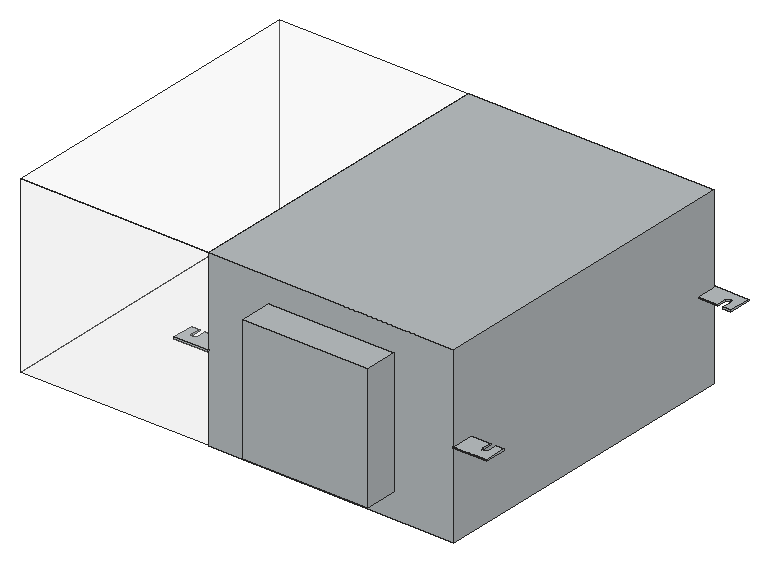
Revit family "2_天吊埋込タイプ 標準(角ダクト) 3相200V-50", category 機械設備, Revit 2019
Family settings
  丸型コネクタ寸法 = 直径を使用
  パーツ タイプ = 割り込み
  OmniClass 番号 = 23.75.35.17.24
  OmniClass タイトル = Axial Fans
  作業面ベース = いいえ
  常に垂直 = はい
  ロード時にボイドで切り取り = いいえ
  共有 = いいえ
  部屋計算ポイント = はい
Parameters (values of type "BFS-300TA1-50")
  騒音レベル(dB(A))_吸込 = 54
  騒音レベル(dB(A))_吐出 = 73
  騒音レベル(dB(A))_側面 = 45
  騒音レベル(dB(A)) = 73
  風量 [instance] = 設計風量  # 0.0 m³/h
  電源種別 [instance] = "一般"
  電圧 = 200 V
  電動機出力 = 1000 W
  電動機_種別 [instance] = ""
  運転質量 = 0.00 kg
  連動 [instance] = ""
  質量 = if(製品質量 > 運転質量, 製品質量, 運転質量) * 1.2  # 46.80 kg
  負荷分類 = 3_ファン類
  説明 = "ストレートシロッコファン天吊埋込タイプ（標準形）"
  設計風量 [instance] = 0.0 m³/h
  設置方法 = "天吊"
  記号 [instance] = ""
  製造元 = "三菱電機株式会社"
  製品質量 = 39.00 kg
  製品出荷対象 = "国内"
  製品リリース年月 = "2005年11月1日"
  製品グループ = ""
  系統 [instance] = ""
  符号 [instance] = if(☑給気／□排気, "FS", "FE")  # "FE"
  積算_科目 = "2 換気設備"
  積算_拾い区分 [instance] = ""
  相 = 3
  盤記号 [instance] = ""
  盤工事区分 = "電気工事"
  発停方法 [instance] = "別売スイッチ"
  番手 = "#2"
  特殊仕様 [instance] = ""
  火災停止 [instance] = ""
  消費電力 = 900 W
  法定耐用年数 = "15"
  機外静圧 [instance] = 0.0 Pa
  極数 = 3
  極 = 4
  材質 [instance] = ""
  本体マテリアル = 溶融亜鉛めっき鋼板
  操作・制御方式 = ""
  操作・制御スイッチ = ""
  排気量 [instance] = if(☑給気／□排気, 0.0 m³/h, 設計風量)  # 0.0 m³/h
  形式 = ""
  形名 = BFS-TA1 : BFS-300TA1
  幹線記号 [instance] = ""
  対象室 [instance] = ""
  実風量 = 0.0 m³/h
  始動方式 [instance] = "直入"
  外気量 [instance] = if(☑給気／□排気, 設計風量, 0.0 m³/h)  # 0.0 m³/h
  呼称 = "消音ボックス付送風機"
  周波数 = 50 Hz
  天吊金具ピッチ幅 = 695 mm
  天吊金具ピッチ奥行 = 722 mm
  参照している仕様書等のバージョン = ""
  分類コード = "50052502100020"
  分類グループ = ""
  価格 = 194000
  企業コード = "108420"
  付属品_防振装置 = ""
  付属品 [instance] = ""
  仕様書バージョン = "Version1.0"
  モデル = "BFS-300TA1-50"
  ファンの種類 = "多翼形"
  ダクト高 = 298 mm
  ダクト幅 = 298 mm
  サービススペース = yes
  コメント [instance] = ""
  Keynote = ""
  ☑給気／□排気 [instance] = no
  Width = 586 mm
  Version = ""
  Uniclass2015Version = "Systems v1.9"
  Uniclass2015Title = "Centrifugal fans"
  Uniclass2015Code = "Pr_65_67_29_12"
  URL = "https://www.mitsubishielectric.co.jp/ldg/wink/ssl/displayProduct.do?pid=138110"
  SpecificationReference = ""
  SpecificationDescription = ""
  Revision = ""
  ProductInformation = ""
  OmniClassCode = "23-33 31 19 13 15"
  MIN風量 = 0.0 m³/h
  MIN静圧 = 0.0 Pa
  MID風量 = 0.0 m³/h
  MID静圧 = 0.0 Pa
  MAX風量 = 3000.0 m³/h
  MAX静圧 = 220.0 Pa
  M = 79 mm
  IfcTypeProduct = ""
  IfcProduct = ""
  IfcExportType = "CENTRIFUGALFORWARDCURVED"
  IfcExportAs = "IfcFanType"
  Height = 413 mm
  Depth = 775 mm
  Clearance Top = 0 mm  # constant formula
  Clearance Right = 0 mm  # constant formula
  Clearance Left = 450 mm  # constant formula
  Clearance Front = 0 mm  # constant formula
  Clearance Bottom = 0 mm  # constant formula
  Clearance Back = 0 mm  # constant formula
  Author = "三菱電機株式会社"
Reference planes
  plane 1 "中心(正面/背面)": y = 0
  plane 2: z = 0
  plane 3 "中心(左/右)": x = 0
  plane 4 "左": x = -293
  plane 5 "右": x = 293
  plane 6 "背面": y = 387.5
  plane 7 "正面": y = -387.5
  plane 8: z = 206.5
  plane 9: y = 361
  plane 10: y = -361
  plane 11: x = 347.5
  plane 12: x = -347.5
  plane 13: z = -206.5
  plane 14: z = 206.5
  plane 15: z = -206.5
  plane 16: y = 387.5
  plane 17: y = -387.5
  plane 18: x = -743
  plane 19: x = 293
Dimensions and locks
  "Width": plane 4 "左" to plane 5 "右"
  equal spacing: plane 7 "正面", plane 1 "中心(正面/背面)", plane 6 "背面"
  "Depth": plane 7 "正面" to plane 6 "背面"
  equal spacing: plane 8, level, plane 13
  "Height": plane 8 to plane 13
  "Clearance Right": plane 5 "右" to plane 19
  "Clearance Left": plane 18 to plane 4 "左"
  "Clearance Back": plane 6 "背面" to plane 16
  "Clearance Front": plane 17 to plane 7 "正面"
  "Clearance Top": plane 14 to plane 8
  "Clearance Bottom": plane 13 to plane 15
  equal spacing: plane 12, plane 3 "中心(左/右)", plane 11
  "天吊金具ピッチ幅": plane 12 to plane 11
  equal spacing: plane 10, plane 1 "中心(正面/背面)", plane 9
  "天吊金具ピッチ奥行": plane 10 to plane 9
  equal spacing: plane 4 "左", plane 3 "中心(左/右)", plane 5 "右"
  aligned and locked: level to plane 2
  aligned and locked: nested 2 to plane 9
  aligned and locked: plane 10 to nested 2
  aligned and locked: plane 12 to nested 2
  aligned and locked: plane 11 to nested 2
  aligned and locked: plane 8 to nested 1
  aligned and locked: plane 18 to nested 3
  aligned and locked: plane 17 to nested 3
  aligned and locked: plane 14 to nested 3
  aligned and locked: plane 15 to nested 3
  aligned and locked: plane 1 "中心(正面/背面)" to nested 1
  aligned and locked: nested 1 to plane 3 "中心(左/右)"
  aligned and locked: plane 16 to nested 3
  aligned and locked: plane 4 "左" to nested 3
Nested families
  nested 1: "BFS-TA1" at (0, 0, -206.5) x (0, -1, 0) z (0, 0, 1), type <- "形名", type "BFS-300TA1"
  nested 2: "固定点" at (-347.5, -361, 0), type "固定点"
    with W 695 mm, D 722 mm
  nested 3: "サービススペース" at (-518, 0, 0), visible <- "サービススペース", type "サービススペース"
    with Width 450 mm, Height 413 mm, Depth 775 mm
Connectors
  hvac at (0, -466.5, 0), driven by "ダクト高", driven by "ダクト幅", driven by "機外静圧", driven by "風量"
    settings: on nested 1, index 4, duct flow 0.0 m³/h, flow factor 0, pres drop 0.0 Pa, loss coef 0, conn angle 0.00°, conn width 298 mm, conn height 298 mm, conn diameter 609.6 mm, duct sys type 29, conn prof type 1, flow config 0, flow direction 2, loss method 4, conn ref index -1, conn util no, is conn primary yes, conn desc "Out"
  hvac at (0, 466.5, 0), driven by "ダクト高", driven by "ダクト幅", driven by "機外静圧", driven by "風量"
    settings: on nested 1, index 5, duct flow 0.0 m³/h, flow factor 0, pres drop 0.0 Pa, loss coef 0, conn angle 0.00°, conn width 298 mm, conn height 298 mm, conn diameter 609.6 mm, duct sys type 29, conn prof type 1, flow config 0, flow direction 1, loss method 4, conn ref index -1, conn util no, is conn primary no, conn desc "In"
  electrical at (-322.5, -259.5, -64), driven by "極数", driven by "負荷分類", driven by "電圧", driven by "消費電力"
    settings: on nested 1, index 6, voltage 200 V, apparent load 900 VA, apparent load phase1 0 VA, apparent load phase2 0 VA, apparent load phase3 0 VA, power factor 1, load classification "3_ファン類", number of poles 3, system type 30, power factor state 1, is connector primary yes, connector utility no, sub classification motor no, connector description ""
Definition of nested family "BFS-TA1"
  Parameters (values of type "BFS-300TA1")
    端子カバー高 = 99 mm
    端子カバー手前位置 = 62.5 mm
    端子カバー幅 = 29.5 mm
    端子カバー奥行 = 131 mm
    端子カバー上位置 = 221 mm
    吊りボルト幅 = 695 mm
    吊りボルト奥行 = 772 mm
    マテリアル = none
    φ = 298 mm
    Φ = 298 mm
    kb_z = 50 mm
    b = 430 mm
    a = 79 mm
    W = 775 mm
    H = 413 mm
    c = 59 mm
    D = 586 mm
  Reference planes
    plane 1 "中心(正面/背面)": y = 0
    plane 2: z = 0
    plane 3 "中心(左/右)": x = 0
    plane 4: y = 293
    plane 5: y = 347.5
    plane 6: y = 373
    plane 7: y = -293
    plane 8: y = -347.5
    plane 9: y = -373
    plane 10: x = -387.5
    plane 11: x = -361
    plane 12: x = -390.5
    plane 13: x = 387.5
    plane 14: x = 361
    plane 15: x = 390.5
    plane 16: z = 413
    plane 17: z = 600
    plane 18: z = 900
    plane 19: z = 1200
    plane 20: x = -105
    plane 21: x = 325
    plane 22: x = 466.5
    plane 23: x = -466.5
    plane 24: z = 206.5
    plane 25: z = 203.5
    plane 26: z = 165.5
    plane 27: x = -338.5
    plane 28: y = -296
    plane 29: z = 188.5
    plane 30: x = 338.5
    plane 31: y = 296
    plane 32: x = 456.5
    plane 33: x = 397.5
    plane 34: x = -397.5
    plane 35: x = -456.5
    plane 36: x = 194
    plane 37: z = 192
    plane 38: z = 93
    plane 39: y = -322.5
    plane 40: z = 103
    plane 41: y = 149
    plane 42: y = -149
    plane 43: z = 355.5
    plane 44: z = 57.5
    plane 45: z = 182
  Forms (mm)
    Extrusion 1, solid, material <- "マテリアル", detail levels fine
      sketch origin (0, 0, 0) x (1, 0, 0) y (0, 1, 0)
        loop
          line (-387.5, 293) -> (-387.5, -293) -> (387.5, -293) -> (387.5, 293) -> (-387.5, 293)
      from 0 to 413
    Extrusion 2, solid, material <- "マテリアル", detail levels fine
      sketch origin (0, 0, 0) x (1, 0, 0) y (0, 1, 0)
        loop
          line (-390.5, -293) -> (-390.5, -373) -> (-338.5, -373) -> (-338.5, -354.25) -> (-361, -354.25)
          arc (-361, -354.25) -> (-367.75, -347.5) -> (-361, -340.75) r 6.75
          line (-361, -340.75) -> (-338.5, -340.75) -> (-338.5, -293) -> (-390.5, -293)
      from 203.5 to 206.5
    Extrusion 3, solid, material <- "マテリアル", detail levels fine
      sketch origin (0, 0, 0) x (1, 0, 0) y (0, 1, 0)
        loop
          line (-390.5, 293) -> (-338.5, 293) -> (-338.5, 340.75) -> (-361, 340.75)
          arc (-361, 340.75) -> (-367.75, 347.5) -> (-361, 354.25) r 6.75
          line (-361, 354.25) -> (-338.5, 354.25) -> (-338.5, 373) -> (-390.5, 373) -> (-390.5, 293)
      from 203.5 to 206.5
    Extrusion 4, solid, material <- "マテリアル", detail levels fine
      sketch origin (0, 0, 0) x (-1, 0, 0) y (0, -1, 0)
        loop
          line (-390.5, 293) -> (-338.5, 293) -> (-338.5, 340.75) -> (-361, 340.75)
          arc (-361, 340.75) -> (-367.75, 347.5) -> (-361, 354.25) r 6.75
          line (-361, 354.25) -> (-338.5, 354.25) -> (-338.5, 373) -> (-390.5, 373) -> (-390.5, 293)
      from 203.5 to 206.5
    Extrusion 5, solid, material <- "マテリアル", detail levels fine
      sketch origin (0, 0, 0) x (0, 1, 0) y (0, 0, 1)
        loop
          line (149, 57.5) -> (149, 355.5) -> (-149, 355.5) -> (-149, 57.5) -> (149, 57.5)
      from -387.5 to -466.5
    Extrusion 6, solid, material <- "マテリアル", detail levels fine
      sketch origin (0, 0, 0) x (0, 1, 0) y (0, 0, -1)
        loop
          line (-149, -355.5) -> (149, -355.5) -> (149, -57.5) -> (-149, -57.5) -> (-149, -355.5)
      from -387.5 to -466.5
    Extrusion 7, solid, material <- "マテリアル", detail levels fine
      sketch origin (0, 0, 0) x (1, 0, 0) y (0, 0, 1)
        loop
          line (325, 192) -> (194, 192) -> (194, 93) -> (325, 93) -> (325, 192)
      from 293 to 322.5
    Extrusion 8, solid, material <- "マテリアル", detail levels fine
      sketch origin (0, 0, 0) x (-1, 0, 0) y (0, -1, 0)
        loop
          line (-390.5, -293) -> (-390.5, -373) -> (-338.5, -373) -> (-338.5, -354.25) -> (-361, -354.25)
          arc (-361, -354.25) -> (-367.75, -347.5) -> (-361, -340.75) r 6.75
          line (-361, -340.75) -> (-338.5, -340.75) -> (-338.5, -293) -> (-390.5, -293)
      from 203.5 to 206.5
  Dimensions and locks
    plane 12 to plane 15 = 781 mm
    plane 11 to plane 14 = 722 mm
    "W": plane 10 to plane 13
    plane 9 to plane 6 = 746 mm
    plane 8 to plane 5 = 695 mm
    "D": plane 7 to plane 4
    equal spacing: plane 7, plane 1 "中心(正面/背面)", plane 4
    equal spacing: plane 10, plane 3 "中心(左/右)", plane 13
    "H": plane 16 to level
    locked: plane 4 to plane 5 at 54.5
    locked: plane 5 to plane 6 at 25.5
    locked: plane 8 to plane 7 at 54.5
    locked: plane 9 to plane 8 at 25.5
    locked: plane 10 to plane 11 at 26.5
    locked: plane 14 to plane 13 at 26.5
    locked: plane 13 to plane 15 at 3
    locked: plane 12 to plane 10 at 3
    equal spacing: plane 16, plane 24, level
    locked: plane 24 to plane 25 at 3
    locked: plane 24 to plane 26 at 41
    locked: plane 12 to plane 27 at 52
    locked: plane 28 to plane 7 at 3
    locked: plane 25 to plane 29 at 15
    locked: plane 30 to plane 15 at 52
    locked: plane 31 to plane 4 at 3
    "a": plane 23 to plane 10
    "a": plane 13 to plane 22
    locked: plane 23 to plane 35 at 10
    locked: plane 34 to plane 10 at 10
    locked: plane 13 to plane 33 at 10
    locked: plane 32 to plane 22 at 10
    "端子カバー手前位置": plane 13 to plane 21
    "b": plane 21 to plane 20
    "端子カバー奥行": plane 21 to plane 36
    "端子カバー高": plane 37 to plane 38
    "端子カバー幅": plane 39 to plane 7
    locked: plane 40 to plane 38 at 10
    equal spacing: plane 42, plane 1 "中心(正面/背面)", plane 41
    "Φ": plane 42 to plane 41
    equal spacing: plane 43, plane 24, plane 44
    "φ": plane 43 to plane 44
    locked: plane 37 to plane 45 at 10
    "端子カバー上位置": plane 16 to plane 37
    aligned and locked: level to plane 2
    aligned and locked: plane 4 to Extrusion 1 sketch curve
    aligned and locked: plane 10 to Extrusion 1 sketch curve
    aligned and locked: Extrusion 1 sketch curve to plane 7
    aligned and locked: Extrusion 1 sketch curve to plane 13
    aligned and locked: plane 16 to Extrusion 1
    aligned and locked: plane 7 to Extrusion 2 sketch curve
    aligned and locked: plane 12 to Extrusion 2 sketch curve
    aligned and locked: Extrusion 2 sketch curve to plane 9
    aligned and locked: Extrusion 2 sketch curve to plane 27  (x2)
    aligned and locked: plane 11 to Extrusion 2 sketch curve
    aligned and locked: plane 8 to Extrusion 2 sketch curve
    aligned and locked: plane 24 to Extrusion 2
    aligned and locked: Extrusion 2 to plane 25
    aligned and locked: plane 27 to Extrusion 3 sketch curve  (x2)
    aligned and locked: plane 5 to Extrusion 3 sketch curve
    aligned and locked: plane 11 to Extrusion 3 sketch curve
    aligned and locked: Extrusion 3 sketch curve to plane 6
    aligned and locked: Extrusion 3 sketch curve to plane 12
    aligned and locked: plane 4 to Extrusion 3 sketch curve
    aligned and locked: plane 24 to Extrusion 3
    aligned and locked: Extrusion 3 to plane 25
    aligned and locked: plane 9 to Extrusion 4 sketch curve
    aligned and locked: plane 15 to Extrusion 4 sketch curve
    aligned and locked: Extrusion 4 sketch curve to plane 7
    aligned and locked: Extrusion 4 sketch curve to plane 30  (x2)
    aligned and locked: plane 14 to Extrusion 4 sketch curve
    aligned and locked: plane 8 to Extrusion 4 sketch curve
    aligned and locked: Extrusion 4 to plane 25
    aligned and locked: plane 24 to Extrusion 4
    aligned and locked: plane 10 to Extrusion 5
    aligned and locked: Extrusion 6 to plane 13
    aligned and locked: plane 37 to Extrusion 7 sketch curve
    aligned and locked: plane 21 to Extrusion 7 sketch curve
    aligned and locked: Extrusion 7 sketch curve to plane 38
    aligned and locked: Extrusion 7 sketch curve to plane 36
    aligned and locked: Extrusion 7 to plane 7
    aligned and locked: plane 6 to Extrusion 8 sketch curve
    aligned and locked: plane 30 to Extrusion 8 sketch curve  (x2)
    aligned and locked: Extrusion 8 sketch curve to plane 4
    aligned and locked: Extrusion 8 sketch curve to plane 15
    aligned and locked: plane 5 to Extrusion 8 sketch curve
    aligned and locked: plane 14 to Extrusion 8 sketch curve
    aligned and locked: plane 24 to Extrusion 8
    aligned and locked: Extrusion 8 to plane 25
    aligned and locked: Extrusion 5 sketch curve to plane 41
    aligned and locked: Extrusion 5 sketch curve to plane 43
    aligned and locked: Extrusion 5 sketch curve to plane 42
    aligned and locked: plane 44 to Extrusion 5 sketch curve
    aligned and locked: Extrusion 5 to plane 23
    aligned and locked: Extrusion 6 sketch curve to Extrusion 5  (x4)
    aligned and locked: plane 22 to Extrusion 6
    aligned and locked: plane 39 to Extrusion 7
  Automatic sketch dimensions
    Extrusion 3 sketch curve to plane 5 = 6.75 mm
    plane 5 to Extrusion 8 sketch curve = 6.75 mm
    Extrusion 2 sketch curve to plane 8 = 6.75 mm
    plane 8 to Extrusion 4 sketch curve = 6.75 mm
Definition of nested family "サービススペース"
  Parameters (values of type "サービススペース")
    Width [instance] = 500 mm
    Height [instance] = 500 mm
    Depth [instance] = 500 mm
  Reference planes
    plane 1 "中心(正面/背面)": y = 0
    plane 2: z = 0
    plane 3 "中心(左/右)": x = 0
    plane 4: y = -250
    plane 5: x = 250
    plane 6: y = 250
    plane 7: x = -250
    plane 8: z = 250
    plane 9: z = -250
  Forms (mm)
    Extrusion 1, solid
      sketch origin (-638.939, 0, 72.39) x (1, 0, 0) y (0, 1, 0)
        loop
          line (388.939, 250) -> (388.939, -250) -> (888.939, -250) -> (888.939, 250) -> (388.939, 250)
      from -322.39 to 177.61
  Lines and regions (mm)
    symbolic lines
      curve 1: line (-250, 0, 250) -> (250, 0, 250)
      curve 2: line (-250, 0, -250) -> (-250, 0, 250)
      curve 3: line (250, 0, -250) -> (-250, 0, -250)
      curve 4: line (250, 0, 250) -> (250, 0, -250)
      curve 5: line (0, -250, 250) -> (0, 250, 250)
      curve 6: line (0, -250, -250) -> (0, -250, 250)
      curve 7: line (0, 250, -250) -> (0, -250, -250)
      curve 8: line (0, 250, 250) -> (0, 250, -250)
      curve 9: line (-250, 250, 0) -> (250, 250, 0)
      curve 10: line (-250, -250, 0) -> (-250, 250, 0)
      curve 11: line (250, -250, 0) -> (-250, -250, 0)
      curve 12: line (250, 250, 0) -> (250, -250, 0)
  Dimensions and locks
    equal spacing: plane 7, plane 3 "中心(左/右)", plane 5
    equal spacing: plane 4, plane 1 "中心(正面/背面)", plane 6
    "Depth": plane 4 to plane 6
    "Width": plane 7 to plane 5
    equal spacing: plane 8, plane 2, plane 9
    "Height": plane 8 to plane 9
    aligned and locked: plane 9 to curve 3
    aligned and locked: plane 7 to curve 2
    aligned and locked: curve 4 to plane 5
    aligned and locked: plane 5 to Extrusion 1
    aligned and locked: Extrusion 1 to plane 7
    aligned and locked: Extrusion 1 to plane 9
    aligned and locked: plane 8 to Extrusion 1
    aligned and locked: plane 9 to curve 7
  Automatic sketch dimensions
    plane 4 to Extrusion 1 sketch curve = 0 mm
    Extrusion 1 sketch curve to plane 7 = 0 mm
    Extrusion 1 sketch curve to plane 5 = 0 mm
    plane 6 to Extrusion 1 sketch curve = 0 mm
    curve 2 to plane 8 = 0 mm
    plane 4 to curve 11 = 0 mm
    curve 11 to plane 7 = 0 mm
    curve 11 to plane 5 = 0 mm
    plane 6 to curve 10 = 0 mm
    curve 7 to plane 4 = 0 mm
    curve 7 to plane 6 = 0 mm
    curve 6 to plane 8 = 0 mm
Definition of nested family "固定点"
  Parameters (values of type "固定点")
    中心円 = 13.5 mm
    W [instance] = 1000 mm
    D [instance] = 1000 mm
  Reference planes
    plane 1 "中心(正面/背面)": y = 0
    plane 2: z = 0
    plane 3 "中心(左/右)": x = 0
    plane 4: x = 1000
    plane 5: y = 1000
  Lines and regions (mm)
    symbolic lines, detail levels fine
      curve 1: circle (0, 1000, 0) r 6.75 normal (0, 0, 1)
      curve 2: circle (0, 0, 0) r 6.75 normal (0, 0, 1)
      curve 3: circle (1000, 1000, 0) r 6.75 normal (0, 0, 1)
      curve 4: circle (1000, 0, 0) r 6.75 normal (0, 0, 1)
      curve 5: line (-200, 1000, 0) -> (1200, 1000, 0)
      curve 6: line (-200, 0, 0) -> (1200, 0, 0)
      curve 7: line (0, 1200, 0) -> (0, -200, 0)
      curve 8: line (1000, 1200, 0) -> (1000, -200, 0)
  Dimensions and locks
    "W": plane 3 "中心(左/右)" to plane 4
    "D": plane 1 "中心(正面/背面)" to plane 5
    "中心円": diameter of curve 1
    "中心円": diameter of curve 2
    "中心円": diameter of curve 3
    "中心円": diameter of curve 4
    aligned and locked: level to plane 2
    aligned and locked: plane 5 to curve 1
    aligned and locked: plane 3 "中心(左/右)" to curve 1
    aligned and locked: plane 3 "中心(左/右)" to curve 2
    aligned and locked: plane 1 "中心(正面/背面)" to curve 2
    aligned and locked: plane 4 to curve 3
    aligned and locked: plane 5 to curve 3
    aligned and locked: plane 1 "中心(正面/背面)" to curve 4
    aligned and locked: plane 4 to curve 4
    aligned and locked: plane 1 "中心(正面/背面)" to curve 6
    aligned and locked: curve 7 to plane 3 "中心(左/右)"
    aligned and locked: curve 8 to plane 4
  Automatic sketch dimensions
    curve 5 to plane 5 = 0 mm
    curve 6 to plane 3 "中心(左/右)" = 200 mm
    curve 5 to plane 3 "中心(左/右)" = 200 mm
    curve 4 to curve 6 = 200 mm
    curve 3 to curve 5 = 200 mm
    plane 1 "中心(正面/背面)" to curve 8 = 200 mm
    plane 1 "中心(正面/背面)" to curve 7 = 200 mm
    curve 3 to curve 8 = 200 mm
    curve 1 to curve 7 = 200 mm
